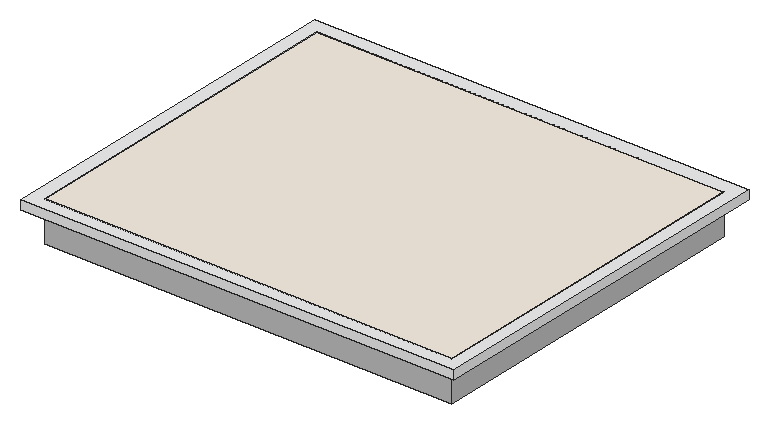
Revit family "Lighting-Industriale-GEWISS-ELIA-HL-LED_RIFLETTORE", category Apparecchi per illuminazione, host Superficie, Revit 2019 (continued)
Types (12, lengths in mm): name | Tensione | Scheda Tecnica | Potenza di sistema | Peso (kg): | Peso (kg) | Ottica | built-in parameter 1150142 | Lumen output (lm) | Modello | IDT | File diagramma fotometrico | Description
    2 2498.66 2401.49 \r\n2311.07 2224.04 2140.38 2060.11 1982.37 1908.01 1837.03 \r\n1768.59 1702.08 1638.20 1577.87 1519.56 1461.77 1405.91 \r\n1353.69 1303.33 1253.30 1204.13 1154.86 1107.29 1063.60 \r\n1022.28 981.97 943.53 907.78 873.73 840.44 808.24 777.48 \r\n748.08 719.60 692.39 666.62 642.28 619.30 597.41 576.46 \r\n556.01 535.56 515.37 495.17 475.57 457.57 440.75 425.80 \r\n411.35 396.39 380.84 363.77 347.04 332.34 318.82 306.23 \r\n294.40 282.91 271.75 261.10 251.73 244.80 239.05 233.39 \r\n227.73 222.32 215.39 204.07 191.39 180.49 169.46 157.63 \r\n144.89 130.60 115.60 100.43 85.37 70.87 57.02 43.80 31.96 \r\n22.22 14.54 9.24 5.75 3.57 2.87 \r\n12448.54 12447.69 12442.62 12435.02 12423.19 12407.98 \r\n12389.39 12369.11 12346.29 12320.94 12292.22 12261.79 \r\n12228.84 12192.50 12154.48 12115.61 12073.36 12030.26 \r\n11985.48 11936.47 11887.46 11837.60 11786.06 11731.13 \r\n11673.67 11613.68 11550.31 11482.70 11412.57 11340.74 \r\n11265.54 11187.80 11108.37 11025.56 10941.06 10858.25 \r\n10774.59 10689.25 10602.22 10513.49 10422.23 10329.28 \r\n10232.10 10126.48 10014.09 9897.48 9774.96 9649.06 \r\n9519.77 9388.79 9255.28 9120.08 8979.82 8833.63 8678.15 \r\n8510.84 8334.23 8148.33 7959.05 7767.24 7576.27 7389.52 \r\n7204.47 7021.95 6841.12 6661.13 6481.99 6303.70 6128.78 \r\n5960.63 5795.01 5630.23 5466.30 5304.91 5147.74 4995.64 \r\n4847.77 4703.27 4563.00 4424.42 4289.22 4157.40 4026.42 \r\n3896.30 3768.70 3639.41 3511.82 3385.91 3262.55 3141.71 \r\n3025.10 2914.40 2807.09 2700.62 2597.53 2496.13 2399.80 \r\n2308.54 2223.20 2138.69 2058.42 1981.52 1906.32 1835.34 \r\n1766.89 1699.97 1635.67 1575.08 1516.52 1458.55 1402.70 \r\n1350.48 1300.20 1250.43 1201.51 1152.50 1105.34 1061.91 \r\n1020.68 980.28 941.92 906.26 872.29 838.83 806.47 775.96 \r\n746.56 718.33 691.21 665.35 640.93 617.86 596.06 575.19 \r\n554.91 534.72 514.60 494.32 474.81 456.72 439.99 424.87 \r\n410.33 395.46 380.08 363.35 346.79 332.17 318.65 306.06 \r\n294.06 282.31 271.33 260.77 251.47 244.97 239.39 233.39 \r\n227.30 221.56 214.29 203.14 190.80 179.98 168.92 156.98 \r\n144.15 130.05 115.28 100.19 85.18 70.75 56.94 43.69 31.81 \r\n22.14 14.51 9.24 5.77 3.59 2.87 \r\n12448.54 12447.69 12442.62 12435.02 12423.19 12407.98 \r\n12389.39 12369.95 12346.29 12320.94 12293.90 12262.64 \r\n12229.68 12193.35 12155.32 12115.61 12075.05 12031.95 \r\n11987.17 11939.85 11889.99 11840.14 11788.59 11733.67 \r\n11676.21 11616.22 11552.84 11485.24 11415.10 11343.28 \r\n11267.23 11191.18 11111.75 11028.94 10945.28 10862.47 \r\n10778.82 10693.47 10606.44 10517.72 10427.30 10335.19 \r\n10237.17 10131.55 10019.16 9902.56 9781.72 9655.81 \r\n9527.38 9396.40 9263.73 9126.84 8987.42 8841.23 8684.91 \r\n8517.60 8340.99 8156.78 7966.66 7775.69 7586.41 7398.82 \r\n7213.76 7029.55 6847.03 6667.05 6487.91 6310.46 6134.70 \r\n5966.55 5800.92 5635.30 5472.22 5310.82 5152.81 4999.86 \r\n4850.30 4705.80 4563.85 4425.27 4289.22 4155.71 4024.73 \r\n3895.45 3766.16 3638.57 3510.97 3385.07 3260.85 3140.86 \r\n3024.25 2913.56 2806.24 2700.62 2596.68 2496.13 2398.95 \r\n2308.54 2221.50 2137.85 2057.57 1980.68 1905.47 1833.65 \r\n1765.20 1698.45 1633.81 1572.71 1513.90 1455.77 1399.83 \r\n1347.69 1297.50 1247.98 1199.22 1150.64 1103.91 1060.64 \r\n1019.41 979.10 940.65 905.08 871.11 837.56 805.20 774.70 \r\n745.54 717.32 690.37 664.51 639.83 616.85 594.96 574.18 \r\n554.07 534.04 514.18 493.90 474.21 456.22 439.32 424.11 \r\n409.40 394.53 379.40 362.93 346.70 332.25 318.65 305.89 \r\n293.81 281.98 270.82 260.51 251.47 245.13 239.56 233.30 \r\n226.88 220.71 213.19 202.21 190.12 179.39 168.27 156.22 \r\n143.30 129.40 114.89 99.89 84.91 70.54 56.78 43.51 31.62 \r\n22.01 14.46 9.22 5.78 3.61 2.88 \r\n12448.54 12447.69 12443.47 12435.02 12424.03 12408.82 \r\n12390.23 12369.95 12347.98 12322.63 12293.90 12263.48 \r\n12230.53 12195.04 12157.01 12117.30 12076.74 12034.49 \r\n11988.86 11941.54 11893.37 11843.52 11791.13 11736.20 \r\n11678.74 11618.75 11554.53 11486.93 11417.64 11345.81 \r\n11270.61 11193.72 11115.13 11033.16 10949.51 10866.70 \r\n10783.89 10698.54 10612.35 10523.63 10433.22 10340.26 \r\n10243.93 10137.47 10025.92 9910.16 9789.32 9663.42 \r\n9535.82 9404.85 9271.34 9135.29 8995.02 8847.99 8693.36 \r\n8525.20 8349.44 8165.23 7975.95 7785.83 7595.70 7408.96 \r\n7222.22 7037.16 6854.64 6673.81 6494.67 6315.53 6140.61 \r\n5972.46 5807.68 5641.22 5477.29 5315.89 5157.88 5004.09 \r\n4854.52 4708.34 4565.53 4425.27 4288.38 4154.86 4022.20 \r\n3892.91 3764.47 3636.03 3509.28 3383.38 3260.85 3140.02 \r\n3023.41 2913.56 2806.24 2701.46 2597.53 2495.28 2398.95 \r\n2308.54 2221.50 2137.85 2057.57 1979.84 1905.47 1832.80 \r\n1763.51 1696.76 1632.37 1570.94 1511.70 1453.40 1397.38 \r\n1345.32 1295.30 1245.78 1197.20 1149.20 1102.89 1059.71 \r\n1018.65 978.34 939.98 904.32 870.35 836.63 804.19 773.77 \r\n744.70 716.73 689.94 663.92 639.16 616.00 594.03 573.33 \r\n553.31 533.53 513.84 493.65 473.96 455.88 438.98 423.43 \r\n408.56 393.69 378.64 362.50 346.70 332.34 318.90 305.97 \r\n293.72 281.72 270.40 260.09 251.39 245.22 239.90 233.39 \r\n226.46 219.78 212.01 201.19 189.45 178.72 167.61 155.36 \r\n142.35 128.68 114.44 99.52 84.58 70.24 56.51 43.26 31.38 \r\n21.85 14.39 9.20 5.78 3.62 2.89 \r\n12448.54 12447.69 12443.47 12435.02 12424.03 12408.82 \r\n12391.08 12370.80 12347.98 12322.63 12295.59 12265.17 \r\n12231.37 12195.04 12158.70 12119.83 12079.27 12037.02 \r\n11991.39 11945.76 11895.91 11846.06 11793.66 11738.74 \r\n11681.28 11620.44 11557.06 11490.31 11420.17 11348.35 \r\n11273.99 11197.09 11119.35 11037.39 10954.58 10872.61 \r\n10788.96 10704.46 10618.27 10529.54 10439.13 10346.18 \r\n10249.85 10143.38 10032.68 9916.92 9797.77 9672.72 \r\n9544.27 9414.14 9279.79 9143.74 9003.47 8856.44 8700.97 \r\n8533.65 8357.89 8173.68 7985.25 7795.97 7606.69 7418.25 \r\n7230.66 7044.76 6860.55 6678.88 6499.74 6322.29 6147.37 \r\n5979.22 5812.75 5646.29 5482.36 5321.81 5163.80 5009.16 \r\n4857.90 4710.03 4566.38 4425.27 4287.53 4152.33 4020.51 \r\n3890.38 3761.94 3635.19 3508.44 3382.53 3260.01 3139.17 \r\n3022.56 2913.56 2807.09 2701.46 2596.68 2496.13 2398.95 \r\n2308.54 2222.35 2138.69 2058.42 1980.68 1905.47 1832.80 \r\n1763.51 1695.91 1631.61 1569.67 1510.01 1451.54 1395.52 \r\n1343.38 1293.44 1244.01 1195.67 1148.02 1102.22 1059.21 \r\n1018.14 977.92 939.47 903.90 869.84 836.04 803.59 773.17 \r\n744.19 716.39 689.69 663.58 638.74 615.33 593.44 572.74 \r\n552.71 533.11 513.59 493.56 473.88 455.79 438.72 423.01 \r\n407.88 392.92 377.97 362.25 346.79 332.68 319.24 306.14 \r\n293.55 281.38 269.98 259.84 251.39 245.39 239.98 233.39 \r\n226.12 218.94 210.74 200.10 188.60 177.96 166.84 154.44 \r\n141.33 127.88 113.91 99.08 84.17 69.88 56.18 42.93 31.10 \r\n21.67 14.31 9.17 5.77 3.62 2.90 \r\n12448.54 12447.69 12443.47 12435.02 12424.03 12409.67 \r\n12391.92 12371.64 12349.67 12324.32 12296.44 12265.17 \r\n12231.37 12196.73 12159.55 12121.52 12081.81 12039.56 \r\n11994.77 11948.30 11899.29 11849.43 11797.04 11741.27 \r\n11682.97 11622.97 11558.75 11492.00 11422.71 11350.88 \r\n11278.22 11202.16 11123.58 11041.61 10959.65 10877.68 \r\n10794.88 10710.38 10623.34 10535.46 10445.04 10352.94 \r\n10254.92 10150.14 10039.44 9924.52 9805.38 9681.16 \r\n9553.57 9422.59 9288.24 9153.04 9011.92 8865.74 8710.26 \r\n8542.95 8367.19 8183.82 7996.23 7807.80 7618.52 7428.39 \r\n7240.80 7052.37 6866.47 6684.80 6505.65 6328.20 6153.29 \r\n5985.13 5818.67 5653.05 5488.27 5327.72 5169.71 5013.38 \r\n4862.13 4713.41 4568.07 4425.27 4286.68 4150.64 4017.97 \r\n3887.84 3759.40 3632.65 3506.75 3381.69 3258.32 3138.33 \r\n3022.56 2913.56 2807.93 2702.31 2598.38 2496.97 2399.80 \r\n2308.54 2222.35 2138.69 2059.26 1980.68 1905.47 1832.80 \r\n1763.51 1696.76 1631.19 1568.91 1508.75 1450.19 1394.08 \r\n1341.94 1291.92 1242.57 1194.32 1147.26 1101.80 1059.04 \r\n1017.89 977.83 939.39 903.73 869.59 835.70 803.17 772.75 \r\n743.94 716.39 689.69 663.58 638.40 614.99 592.94 572.15 \r\n552.21 532.86 513.51 493.56 474.04 455.96 438.72 422.67 \r\n407.12 392.16 377.29 362.00 347.04 333.10 319.66 306.40 \r\n293.64 281.13 269.64 259.67 251.30 245.56 240.15 233.30 \r\n225.70 218.01 209.56 199.08 187.84 177.20 166.06 153.46 \r\n140.23 127.01 113.31 98.58 83.71 69.44 55.77 42.57 30.80 \r\n21.47 14.21 9.13 5.76 3.63 2.90 \r\n12448.54 12447.69 12443.47 12435.02 12424.03 12409.67 \r\n12391.92 12371.64 12349.67 12325.17 12298.13 12266.02 \r\n12233.06 12199.26 12162.08 12124.06 12084.34 12042.09 \r\n11998.16 11951.68 11903.51 11852.81 11799.58 11744.66 \r\n11686.35 11625.51 11561.29 11495.38 11425.24 11354.26 \r\n11280.75 11206.39 11127.81 11046.68 10964.72 10883.60 \r\n10800.79 10715.44 10629.25 10541.38 10451.81 10358.85 \r\n10261.68 10156.90 10045.36 9932.13 9813.83 9690.46 \r\n9562.86 9431.89 9298.38 9161.49 9021.22 8875.03 8719.56 \r\n8552.24 8376.48 8193.97 8006.37 7818.78 7629.50 7439.38 \r\n7249.25 7059.97 6873.23 6690.71 6510.72 6333.27 6159.20 \r\n5991.05 5825.43 5658.97 5493.34 5332.80 5174.78 5017.61 \r\n4864.66 4715.10 4568.07 4425.27 4284.99 4148.10 4014.59 \r\n3885.31 3756.87 3630.12 3505.06 3380.84 3257.47 3137.48 \r\n3021.72 2913.56 2807.93 2702.31 2599.22 2497.82 2400.64 \r\n2309.38 2223.20 2140.38 2060.11 1982.37 1905.47 1832.80 \r\n1763.51 1696.34 1631.27 1568.57 1507.99 1449.26 1393.24 \r\n1340.93 1290.82 1241.47 1193.39 1146.75 1101.80 1059.12 \r\n1018.06 977.92 939.56 903.81 869.59 835.62 803.09 772.75 \r\n743.94 716.48 689.94 663.75 638.48 614.82 592.60 571.81 \r\n551.95 532.60 513.51 493.73 474.30 456.22 438.89 422.42 \r\n406.61 391.40 376.70 361.74 347.21 333.52 320.09 306.65 \r\n293.64 280.96 269.47 259.50 251.22 245.56 240.32 233.22 \r\n225.28 217.16 208.29 197.98 187.00 176.35 165.19 152.40 \r\n139.08 126.09 112.66 98.00 83.16 68.94 55.29 42.16 30.47 \r\n21.26 14.11 9.08 5.74 3.63 2.91 \r\n12448.54 12447.69 12443.47 12435.86 12424.88 12409.67 \r\n12391.92 12372.49 12351.36 12326.86 12298.13 12267.71 \r\n12234.75 12200.11 12163.77 12126.59 12086.88 12044.63 \r\n12000.69 11955.06 11906.89 11856.19 11802.96 11747.19 \r\n11688.88 11628.04 11563.82 11497.07 11428.62 11357.64 \r\n11284.97 11208.92 11132.03 11052.60 10969.79 10888.67 \r\n10806.70 10721.36 10635.17 10547.29 10457.72 10365.61 \r\n10268.44 10162.81 10052.97 9940.58 9822.28 9699.75 \r\n9572.16 9441.18 9307.67 9171.63 9029.67 8883.48 8728.85 \r\n8562.38 8386.63 8204.10 8016.51 7829.77 7641.33 7449.52 \r\n7258.55 7066.73 6878.30 6695.78 6514.95 6338.34 6164.27 \r\n5996.97 5830.50 5664.03 5499.26 5337.86 5179.00 5021.83 \r\n4868.05 4715.94 4568.91 4424.42 4283.30 4146.41 4012.06 \r\n3881.08 3753.49 3627.58 3503.37 3379.15 3255.78 3136.64 \r\n3021.72 2913.56 2808.78 2704.00 2600.06 2499.51 2402.34 \r\n2311.92 2224.88 2141.23 2061.80 1983.21 1907.16 1834.49 \r\n1764.36 1696.59 1631.78 1568.57 1507.73 1448.84 1392.73 \r\n1340.34 1290.15 1240.71 1192.80 1146.58 1101.96 1059.38 \r\n1018.39 978.26 939.98 904.15 869.84 835.87 803.26 772.92 \r\n744.19 716.73 690.37 664.09 638.65 614.82 592.43 571.56 \r\n551.70 532.52 513.51 493.99 474.72 456.55 439.15 422.33 \r\n406.02 390.81 376.11 361.58 347.46 333.94 320.68 307.07 \r\n293.81 280.88 269.13 259.33 251.22 245.56 240.40 233.05 \r\n224.77 216.24 207.11 196.80 186.07 175.46 164.23 151.31 \r\n137.90 125.10 111.94 97.36 82.56 68.36 54.76 41.71 30.12 \r\n21.04 14.01 9.03 5.72 3.63 2.91 \r\n12448.54 12447.69 12442.62 12435.86 12424.88 12410.51 \r\n12392.77 12374.18 12352.21 12326.86 12298.97 12268.56 \r\n12236.44 12201.80 12166.31 12129.13 12089.41 12048.01 \r\n12003.22 11958.44 11910.27 11858.73 11805.49 11749.72 \r\n11691.42 11629.73 11566.36 11499.60 11432.00 11361.87 \r\n11288.35 11213.99 11137.10 11056.82 10975.70 10895.43 \r\n10812.62 10728.12 10641.08 10554.05 10464.48 10371.53 \r\n10275.20 10170.42 10060.57 9948.18 9831.57 9708.20 \r\n9581.45 9451.32 9316.97 9180.92 9038.97 8892.78 8738.14 \r\n8571.68 8396.76 8215.09 8028.34 7841.60 7653.16 7460.50 \r\n7266.15 7073.49 6883.37 6700.00 6519.17 6342.57 6169.34 \r\n6001.19 5835.57 5668.26 5502.64 5342.09 5184.07 5026.06 \r\n4870.58 4717.63 4568.91 4424.42 4281.61 4143.88 4008.68 \r\n3877.70 3750.11 3624.20 3500.83 3376.62 3254.94 3135.80 \r\n3020.87 2913.56 2809.62 2704.84 2601.75 2500.35 2404.02 \r\n2312.76 2226.57 2142.92 2063.49 1984.06 1908.85 1835.34 \r\n1765.20 1698.11 1632.62 1569.08 1507.82 1448.84 1392.81 \r\n1340.17 1289.89 1240.38 1192.55 1146.58 1102.56 1059.97 \r\n1018.82 978.85 940.48 904.57 870.18 836.13 803.59 773.26 \r\n744.44 717.24 690.79 664.51 639.07 614.99 592.34 571.30 \r\n551.45 532.43 513.59 494.24 475.23 457.06 439.48 422.25 \r\n405.68 390.22 375.69 361.49 347.72 334.45 321.10 307.41 \r\n293.81 280.79 268.96 259.16 251.13 245.56 240.32 232.80 \r\n224.35 215.39 205.84 195.79 185.14 174.57 163.23 150.18 \r\n136.70 124.09 111.13 96.65 81.90 67.74 54.18 41.24 29.77 \r\n20.82 13.90 8.98 5.69 3.62 2.92 \r\n12448.54 12447.69 12442.62 12435.86 12424.88 12410.51 \r\n12392.77 12374.18 12353.06 12327.70 12300.66 12270.24 \r\n12237.29 12203.49 12168.00 12130.82 12091.10 12049.70 \r\n12006.60 11960.97 11912.81 11862.11 11808.87 11752.26 \r\n11694.80 11633.11 11568.89 11502.98 11434.54 11365.25 \r\n11292.58 11218.22 11141.32 11062.74 10981.62 10900.50 \r\n10818.53 10734.03 10647.00 10559.97 10470.39 10378.29 \r\n10281.11 10177.18 10067.33 9956.63 9840.02 9717.50 \r\n9590.75 9460.62 9327.11 9190.22 9048.26 8902.07 8748.28 \r\n8581.82 8407.75 8225.23 8039.33 7852.58 7664.15 7470.64 \r\n7275.45 7081.10 6888.44 6704.23 6523.40 6346.80 6174.41 \r\n6005.41 5838.95 5671.64 5506.86 5346.31 5186.61 5028.59 \r\n4872.27 4718.48 4568.91 4422.73 4279.92 4140.50 4005.30 \r\n3874.32 3746.73 3621.67 3499.14 3374.93 3253.25 3134.95 \r\n3020.87 2913.56 2810.47 2705.69 2602.60 2501.20 2404.87 \r\n2314.45 2228.26 2144.61 2064.34 1985.75 1909.70 1837.03 \r\n1766.05 1699.29 1633.81 1570.01 1508.41 1449.43 1393.24 \r\n1340.59 1290.06 1240.38 1192.46 1146.92 1103.15 1060.64 \r\n1019.49 979.52 941.25 905.25 870.69 836.63 804.10 773.68 \r\n744.95 717.74 691.38 665.01 639.50 615.24 592.34 571.30 \r\n551.36 532.27 513.59 494.58 475.73 457.65 439.91 422.25 \r\n405.35 389.80 375.10 361.32 348.06 334.79 321.61 307.75 \r\n293.98 280.79 268.79 258.99 251.05 245.47 240.15 232.54 \r\n223.84 214.55 204.74 194.60 184.29 173.61 162.19 149.02 \r\n135.47 123.02 110.28 95.88 81.18 67.06 53.56 40.74 29.42 \r\n20.62 13.80 8.93 5.66 3.62 2.92 \r\n12448.54 12447.69 12442.62 12435.86 12424.88 12410.51 \r\n12393.61 12375.02 12353.90 12329.39 12301.51 12271.09 \r\n12238.13 12204.33 12168.84 12132.51 12092.79 12051.39 \r\n12008.29 11962.66 11914.50 11863.80 11810.56 11753.95 \r\n11696.49 11634.81 11571.43 11505.52 11437.92 11367.78 \r\n11295.96 11222.44 11145.55 11066.97 10985.84 10905.57 \r\n10822.76 10738.26 10652.07 10564.19 10474.62 10382.51 \r\n10286.18 10183.09 10073.24 9962.55 9846.78 9725.10 \r\n9597.51 9468.22 9334.72 9197.82 9056.71 8911.37 8756.73 \r\n8591.96 8417.89 8236.22 8049.47 7862.72 7672.60 7477.40 \r\n7281.36 7084.48 6890.97 6704.23 6524.24 6346.80 6174.41 \r\n6005.41 5838.95 5671.64 5506.02 5344.63 5185.77 5026.90 \r\n4869.73 4715.94 4565.53 4419.35 4277.39 4137.12 4001.07 \r\n3869.25 3740.81 3616.60 3494.07 3370.70 3249.87 3132.41 \r\n3019.18 2911.87 2808.78 2704.00 2602.60 2502.89 2406.56 \r\n2316.14 2229.11 2146.30 2066.87 1988.28 1912.23 1839.56 \r\n1769.43 1701.75 1636.68 1572.97 1511.70 1452.89 1396.70 \r\n1343.47 1292.43 1242.32 1194.15 1148.36 1104.58 1061.91 \r\n1020.68 980.54 942.17 906.09 871.45 837.56 805.03 774.61 \r\n745.80 718.50 692.05 665.78 640.26 615.84 592.85 571.56 \r\n551.36 532.10 513.42 494.75 476.41 458.24 440.41 422.50 \r\n405.26 389.71 375.18 361.41 348.14 335.04 321.78 307.92 \r\n294.23 281.05 268.96 258.99 250.80 245.05 239.56 231.87 \r\n223.33 213.95 203.98 193.76 183.20 172.52 161.04 147.86 \r\n134.30 121.83 109.10 94.78 80.20 66.21 52.87 40.29 29.19 \r\n20.51 13.76 8.91 5.64 3.60 2.90 \r\n12448.54 12447.69 12442.62 12435.86 12424.88 12411.36 \r\n12393.61 12375.02 12354.74 12330.24 12303.20 12271.93 \r\n12240.67 12206.02 12170.53 12133.35 12094.48 12053.92 \r\n12009.98 11964.35 11917.03 11865.49 11813.10 11756.48 \r\n11699.02 11637.34 11573.97 11508.90 11440.45 11372.01 \r\n11300.18 11226.67 11150.62 11072.03 10991.76 10910.64 \r\n10827.83 10742.48 10656.29 10568.41 10479.69 10387.58 \r\n10291.25 10187.32 10079.16 9968.47 9852.70 9731.02 \r\n9605.11 9474.98 9342.32 9204.58 9063.47 8918.13 8766.03 \r\n8602.10 8428.03 8246.35 8059.61 7872.02 7681.05 7485.85 \r\n7287.28 7088.70 6893.51 6705.92 6524.24 6347.64 6175.26 \r\n6005.41 5838.10 5670.80 5504.33 5342.09 5183.23 5023.52 \r\n4867.20 4712.56
